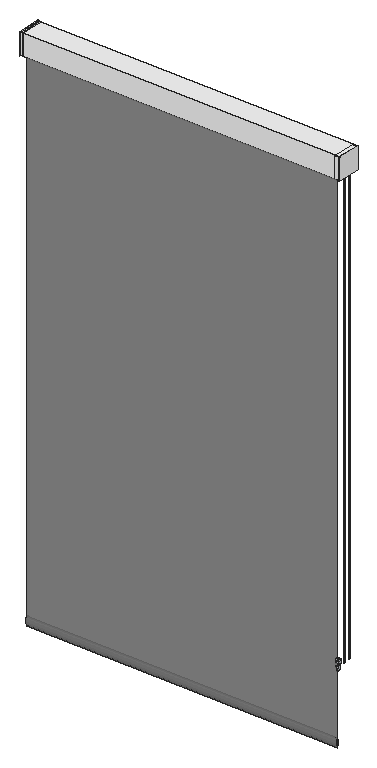
Revit family "WindowShade_RolleaseAcmeda_ContractSeries1_4inFascia_R20", category Specialty Equipment, host Wall, Revit 2020
Family settings
  Host = Wall
  Round Connector Dimension = Use Diameter
  Part Type = Normal
  Always vertical = Yes
  Cut with Voids When Loaded = No
  Shared = No
  Room Calculation Point = No
Parameters (values of type "5'W x 8'Drop - Manual Left - White")
  Weight Bar = RA - FINISH - WHITE
  URL = "https://www.rolleaseacmedacontract.com/resources/"
  Shade Width Calc = if(Input Bracket Width < 1' 6", 1' 6", if(Input Bracket Width > 10' 0", 10' 0", Input Bracket Width))  # 5' - 0"
  Model = "RA - Contract Series"
  Manufacturer = "Rollease Acmeda"
  Input Bracket Width = 5' - 0"
  Shade Fabric = RA - FABRIC - AMBIENT REVIEW
  Shade Drop Calc = if(Input Shade Drop < 0' 0", 1' 0" / 12, if(Input Shade Drop > 12' 0", 12' 0", Input Shade Drop))  # 8' - 0"
  Input Shade Drop = 8' - 0"
  Description = "RAC Series 1 - 4\" Fascia System"
  Contact Email = "contract@rolleaseacmeda.com"
  Drive Motorized Calc = and(not([Drive Manual LH (Select One)]), not([Drive Manual RH (Select One)]))  # no
  Drive Manual Right Calc = and(not([Drive Manual LH (Select One)]), not([Drive Motorized (Select One)]))  # no
  Drive Manual Left Calc = and(not([Drive Manual RH (Select One)]), not([Drive Motorized (Select One)]))  # yes
  Drive Manual RH (Select One) = no
  Drive Manual LH (Select One) = yes
  Header Finish = RA - FINISH - WHITE
  Drive Motorized (Select One) = no
  Default Elevation = 10' - 0"
  Contact Phone = "1-800-552-5100"
  Chain Length = Shade Drop Calc * 0.85  # 6' - 9.6"
  Drop Bar Silent Weight = no
  Drop Bar Internal Hem = not(Drop Bar Silent Weight)  # yes
Types (3): name | Drive Motorized Calc | Drive Manual Right Calc | Drive Manual Left Calc | Drive Manual RH (Select One) | Drive Manual LH (Select One) | Drive Motorized (Select One)
  5'W x 8'Drop - Manual Left - White | no | no | yes | no | yes | no
  5'W x 8'Drop - Manual Right - White | no | yes | no | yes | no | no
  5'W x 8'Drop - Motorized - White | yes | no | no | no | no | yes
Reference planes (in)
  plane 1: y = 0
  plane 2 "Center (Left/Right)": x = 0
  plane 3 "Back": y = 3
  plane 4 "B.O. Header": z = 51.22662
  plane 5 "B.O. Shade": z = -44.77338
  plane 6 "HEADER L": x = 30
  plane 7 "HEADER R": x = -30
  plane 8: x = 29.19
  plane 9: x = -29.19
Forms (in)
  Extrusion 1, solid, material "RA - FABRIC - AMBIENT REVIEW" <- "Shade Fabric"
    sketch origin (0, 3, -30) x (1, 0, 0) y (0, 0, 1)
      loop
        line (29.19, 81.22662) -> (-29.19, 81.22662) -> (-29.19, -14.77338) -> (29.19, -14.77338) -> (29.19, 81.22662)
    from -0.5 to -0.625
  Sweep 2, solid, material "RA - FABRIC - AMBIENT REVIEW" <- "Shade Fabric", visible <- "Drop Bar Internal Hem", detail levels fine
    path in 3D
      loop
        line (29.19, 3.625, -44.77338) -> (-29.19, 3.625, -44.77338)
    profile "PROFILE - SEALED HEM : PROFILE - SEALED HEM" origin (0, 3.625, -44.77338) x (0, 1, 0) y (0, 0, -1)
      loop
        arc (-0.04652, -0.00918) -> (-0.21009, -0.8709) -> (-0.06158, -1.73535) r 2.46494
        line (-0.06158, -1.73535) -> (0.0003, -1.73535)
        arc (0.0003, -1.73535) -> (0.14882, -0.8709) -> (-0.01476, -0.00918) r 2.46494
        arc (-0.01476, -0.00918) -> (-0.03064, 0.00091) -> (-0.04652, -0.00918) r 0.01753
  Sweep 3, solid, material "RA - FINISH - WHITE" <- "Weight Bar", visible <- "Drop Bar Silent Weight", detail levels fine
    path in 3D
      loop
        line (29.19, 3.625, -44.77338) -> (-29.19, 3.625, -44.77338)
    profile "PROFILE - WEIGHTED DROP : PROFILE - WEIGHTED DROP" origin (0, 3.625, -44.77338) x (0, 1, 0) y (0, 0, -1)
      loop
        arc (0.17315, -1.26562) -> (0.2326, -0.91458) -> (0.23882, -0.55859) r 2.37109
        line (0.23882, -0.55859) -> (0.19081, -0.55859) -> (0.19081, -0.49609) -> (0.23438, -0.49609)
        arc (0.23438, -0.49609) -> (0.21114, -0.30933) -> (0.17315, -0.125) r 2.37109
        line (0.17315, -0.125) -> (0.0158, -0.125) -> (0.0158, 0) -> (-0.07014, 0) -> (-0.07014, -0.125) -> (-0.34638, -0.125) -> (-0.34638, -1.26562) -> (0.17315, -1.26562)
Lines and regions (in)
  sketch lines
    curve 1: line (29.19, 3.625, -44.77338) -> (-29.19, 3.625, -44.77338)
    curve 2: line (29.19, 3.625, -44.77338) -> (-29.19, 3.625, -44.77338)
Text (in)
  text "Placement Side" at (0, 40.15149, 123.01588), in view "Right"
  text "Placement Side" at (-58.6842, 42.74981, 0), in view "Ref. Level"
  text "Placement Side" at (0, 47.49176, 140.59947), in view "Left"
Dimensions and locks (in)
  locked: plane 3 "Back" to host wall
  "Shade Drop Calc": plane 5 "B.O. Shade" to plane 4 "B.O. Header"
  "Shade Drop Calc": Extrusion 1 sketch curve to Extrusion 1 sketch curve
  locked: nested 5 to plane 9 at 0.375
  "Chain Length": nested 5 to plane 4 "B.O. Header"
  locked: nested 9 to plane 8 at 0.375
  "Chain Length": nested 9 to plane 4 "B.O. Header"
  equal spacing: plane 6 "HEADER L", plane 2 "Center (Left/Right)", plane 7 "HEADER R"
  "Shade Width Calc": plane 6 "HEADER L" to plane 7 "HEADER R"
  locked: plane 6 "HEADER L" to plane 8 at 0.81
  locked: plane 9 to plane 7 "HEADER R" at 0.81
  aligned and locked: nested 1 to plane 4 "B.O. Header"
  aligned and locked: plane 6 "HEADER L" to nested 3
  aligned and locked: plane 6 "HEADER L" to nested 11
  aligned and locked: nested 7 to plane 6 "HEADER L"
  aligned and locked: plane 7 "HEADER R" to nested 6
  aligned and locked: nested 10 to plane 7 "HEADER R"
  aligned and locked: nested 2 to plane 7 "HEADER R"
  aligned and locked: Extrusion 1 sketch curve to plane 8
  aligned and locked: plane 9 to Extrusion 1 sketch curve
Automatic sketch dimensions
  Extrusion 1 sketch curve to plane 5 "B.O. Shade" = 0' - 0"
Nested families (in)
  nested 1: "2.0GeneralHeader" at (0, 3, 52.26076) x (-1, 0, 0) z (0, 1, 0), type "2.0GeneralHeader"
    with Header Height 0' - 3 15/16", Header Depth 0' - 4 3/16"
  nested 2: "2.0HeaderCapChain" at (-30, 3, 53.41905) x (-1, 0, 0) z (0, 1, 0), visible <- "Drive Manual Right Calc", type "2.0HeaderCapChain"
    with Header Height 0' - 3 15/16", Header Depth 0' - 4 3/16"
  nested 3: "2.0HeaderCap" at (30, 3, 52.9717) x (1, 0, 0) z (0, 1, 0), visible <- "Drive Manual Right Calc", type "2.0HeaderCap"
    with Header Height 0' - 3 15/16", Header Depth 0' - 4 3/16"
  nested 4: "PULL CHAIN2" at (-29.5314, 4.22843, 51.22662) x (-1, 0, 0) z (0, 0, -1), visible <- "Drive Manual Right Calc", type "PULL CHAIN2", detail levels fine
    with CHAIN LENGTH 6' - 9.6"
  nested 5: "CHAIN HOLDER" at (-29.565, 3, -30.37338) x (1, 0, 0) z (0, 1, 0), visible <- "Drive Manual Right Calc", type "CHAIN HOLDER", detail levels fine
  nested 6: "2.0HeaderCap" at (-30, 3, 52.9717) x (-1, 0, 0) z (0, 1, 0), visible <- "Drive Manual Left Calc", type "2.0HeaderCap"
    with Header Height 0' - 3 15/16", Header Depth 0' - 4 3/16"
  nested 7: "2.0HeaderCapChain" at (30, 3, 53.41905) x (1, 0, 0) z (0, 1, 0), visible <- "Drive Manual Left Calc", type "2.0HeaderCapChain"
    with Header Height 0' - 3 15/16", Header Depth 0' - 4 3/16"
  nested 8: "PULL CHAIN2" at (29.8814, 4.22843, 51.22662) x (1, 0, 0) z (0, 0, -1), visible <- "Drive Manual Left Calc", type "PULL CHAIN2", detail levels fine
    with CHAIN LENGTH 6' - 9.6"
  nested 9: "CHAIN HOLDER" at (29.565, 3, -30.37338) x (1, 0, 0) z (0, 1, 0), visible <- "Drive Manual Left Calc", type "CHAIN HOLDER", detail levels fine
  nested 10: "2.0HeaderCapChain" at (-30, 3, 53.41905) x (-1, 0, 0) z (0, 1, 0), visible <- "Drive Motorized Calc", type "2.0HeaderCapChain"
    with Header Height 0' - 3 15/16", Header Depth 0' - 4 3/16"
  nested 11: "2.0HeaderCap" at (30, 3, 52.9717) x (1, 0, 0) z (0, 1, 0), visible <- "Drive Motorized Calc", type "2.0HeaderCap"
    with Header Height 0' - 3 15/16", Header Depth 0' - 4 3/16"
Definition of nested family "2.0GeneralHeader"
  Parameters (values of type "2.0GeneralHeader")
    Header Width = 5' - 0"
    Header Height = 0' - 3 59/128"
    Header Finish = none
    Header Depth = 0' - 3 37/128"
    Default Elevation = 4' - 0"
  Reference planes (in)
    plane 1 "Center (Front/Back)": y = 0
    plane 2: z = 0
    plane 3 "Center (Left/Right)": x = 0
    plane 4: x = -30
    plane 5: x = 30
    plane 6: y = 2.90336
    plane 7: y = -0.55757
    plane 8: z = 3.28906
  Forms (in)
    Extrusion 1, solid, material <- "Header Finish"
      sketch origin (0, 0, 0) x (1, 0, 0) y (0, 1, 0)
        loop
          line (-30, -0.55757) -> (30, -0.55757) -> (30, 2.90336) -> (-30, 2.90336) -> (-30, -0.55757)
      from 0 to 3.28906
  Lines and regions (in)
    Masking region 1
      outline origin (0, 0, 0) x (1, 0, 0) y (0, 1, 0)
        loop
          line (-30, 2.90336) -> (-30, -0.55757) -> (30, -0.55757) -> (30, 2.90336) -> (-30, 2.90336)
  Dimensions and locks (in)
    "Header Width": plane 4 to plane 5
    "Header Height": plane 7 to plane 6
    "Header Depth": plane 8 to plane 2
    equal spacing: plane 4, plane 3 "Center (Left/Right)", plane 5
    aligned and locked: plane 2 to level
    aligned and locked: plane 4 to Extrusion 1
    aligned and locked: Extrusion 1 to plane 5
    aligned and locked: Extrusion 1 to plane 6
    aligned and locked: Extrusion 1 to plane 7
    aligned and locked: plane 8 to Extrusion 1
    aligned and locked: plane 4 to Masking region 1
    aligned and locked: Masking region 1 to plane 7
    aligned and locked: Masking region 1 to plane 6
    aligned and locked: Masking region 1 to plane 5
  Automatic sketch dimensions
    Extrusion 1 sketch curve to plane 4 = 0' - 0"
    plane 5 to Extrusion 1 sketch curve = 0' - 0"
    Extrusion 1 sketch curve to plane 7 = 0' - 0"
    plane 6 to Extrusion 1 sketch curve = 0' - 0"
    Masking region 1 sketch curve to plane 4 = 0' - 0"
    plane 5 to Masking region 1 sketch curve = 0' - 0"
    Masking region 1 sketch curve to plane 7 = 0' - 0"
    plane 6 to Masking region 1 sketch curve = 0' - 0"
Definition of nested family "2.0HeaderCapChain"
  Parameters (values of type "2.0HeaderCapChain")
    Header Height = 0' - 3 59/128"
    Header Finish = none
    Header Depth = 0' - 3 37/128"
    End Cap Depth = 0' - 0 1/16"
    Default Elevation = 4' - 0"
  Reference planes (in)
    plane 1 "Center (Front/Back)": y = 0
    plane 2: z = 0
    plane 3 "Center (Left/Right)": x = 0
    plane 4: x = -0.81
    plane 5: y = 1.74507
    plane 6: y = -1.71586
    plane 7: z = 3.28906
    plane 8: y = 1.80757
    plane 9: z = 3.35156
    plane 10: y = -1.77836
  Forms (in)
    Extrusion 1, solid, material <- "Header Finish"
      sketch origin (0, 0, 0) x (1, 0, 0) y (0, 1, 0)
        loop
          line (-0.81, -1.71586) -> (0, -1.71586) -> (0, 1.74507) -> (-0.81, 1.74507) -> (-0.81, -1.71586)
      from 0 to 3.28906
    Extrusion 2, solid, material <- "Header Finish"
      sketch origin (0, 0, 0) x (0, 1, 0) y (0, 0, 1)
        loop
          line (1.80757, 3.35156) -> (-1.77836, 3.35156) -> (-1.77836, 0) -> (1.80757, 0) -> (1.80757, 3.35156)
      from -0.0625 to 0
  Lines and regions (in)
    Masking region 1
      outline origin (0, 0, 0) x (1, 0, 0) y (0, 1, 0)
        loop
          line (-0.81, 1.74507) -> (-0.81, -1.71586) -> (0, -1.71586) -> (0, 1.74507) -> (-0.81, 1.74507)
  Dimensions and locks (in)
    "Header Height": plane 6 to plane 5
    "Header Depth": plane 7 to plane 2
    locked: plane 4 to plane 3 "Center (Left/Right)" at 0.81
    "End Cap Depth": plane 9 to plane 7
    "End Cap Depth": plane 6 to plane 10
    "End Cap Depth": plane 8 to plane 5
    aligned and locked: plane 2 to level
    aligned and locked: plane 4 to Extrusion 1
    aligned and locked: Extrusion 1 to plane 5
    aligned and locked: plane 6 to Extrusion 1
    aligned and locked: plane 7 to Extrusion 1
    aligned and locked: plane 4 to Masking region 1
    aligned and locked: plane 6 to Masking region 1
    aligned and locked: Masking region 1 to plane 5
    aligned and locked: plane 3 "Center (Left/Right)" to Extrusion 1
    aligned and locked: Extrusion 2 sketch curve to Extrusion 1
    aligned and locked: Extrusion 2 sketch curve to plane 10
    aligned and locked: Extrusion 2 sketch curve to plane 9
    aligned and locked: plane 8 to Extrusion 2 sketch curve
    aligned and locked: plane 3 "Center (Left/Right)" to Masking region 1
  Automatic sketch dimensions
    Extrusion 1 sketch curve to plane 4 = 0' - 0"
    Extrusion 1 sketch curve to plane 6 = 0' - 0"
    plane 5 to Extrusion 1 sketch curve = 0' - 0"
    Masking region 1 sketch curve to plane 4 = 0' - 0"
    Masking region 1 sketch curve to plane 6 = 0' - 0"
    plane 5 to Masking region 1 sketch curve = 0' - 0"
    plane 3 "Center (Left/Right)" to Extrusion 1 sketch curve = 0' - 0"
    Masking region 1 sketch curve to plane 3 "Center (Left/Right)" = 0' - 0"
Definition of nested family "2.0HeaderCap"
  Parameters (values of type "2.0HeaderCap")
    Header Height = 0' - 3 59/128"
    Header Finish = none
    Header Depth = 0' - 3 37/128"
    End Cap Depth = 0' - 0 1/16"
    Default Elevation = 4' - 0"
  Reference planes (in)
    plane 1 "Center (Front/Back)": y = 0
    plane 2: z = 0
    plane 3 "Center (Left/Right)": x = 0
    plane 4: x = -0.46
    plane 5: y = 1.74507
    plane 6: y = -1.71586
    plane 7: z = 3.28906
    plane 8: y = 1.80757
    plane 9: z = 3.35156
    plane 10: y = -1.77836
  Forms (in)
    Extrusion 1, solid, material <- "Header Finish"
      sketch origin (0, 0, 0) x (1, 0, 0) y (0, 1, 0)
        loop
          line (-0.46, -1.71586) -> (0, -1.71586) -> (0, 1.74507) -> (-0.46, 1.74507) -> (-0.46, -1.71586)
      from 0 to 3.28906
    Extrusion 2, solid, material <- "Header Finish"
      sketch origin (0, 0, 0) x (0, 1, 0) y (0, 0, 1)
        loop
          line (1.80757, 3.35156) -> (-1.77836, 3.35156) -> (-1.77836, 0) -> (1.80757, 0) -> (1.80757, 3.35156)
      from -0.0625 to 0
  Lines and regions (in)
    Masking region 1
      outline origin (0, 0, 0) x (1, 0, 0) y (0, 1, 0)
        loop
          line (-0.46, 1.74507) -> (-0.46, -1.71586) -> (0, -1.71586) -> (0, 1.74507) -> (-0.46, 1.74507)
  Dimensions and locks (in)
    "Header Height": plane 6 to plane 5
    "Header Depth": plane 7 to plane 2
    locked: plane 4 to plane 3 "Center (Left/Right)" at 0.46
    "End Cap Depth": plane 9 to plane 7
    "End Cap Depth": plane 6 to plane 10
    "End Cap Depth": plane 8 to plane 5
    aligned and locked: plane 2 to level
    aligned and locked: plane 4 to Extrusion 1
    aligned and locked: Extrusion 1 to plane 5
    aligned and locked: plane 6 to Extrusion 1
    aligned and locked: plane 7 to Extrusion 1
    aligned and locked: plane 4 to Masking region 1
    aligned and locked: plane 6 to Masking region 1
    aligned and locked: Masking region 1 to plane 5
    aligned and locked: plane 3 "Center (Left/Right)" to Extrusion 1
    aligned and locked: Extrusion 2 sketch curve to Extrusion 1
    aligned and locked: Extrusion 2 sketch curve to plane 10
    aligned and locked: Extrusion 2 sketch curve to plane 9
    aligned and locked: plane 8 to Extrusion 2 sketch curve
    aligned and locked: plane 3 "Center (Left/Right)" to Masking region 1
  Automatic sketch dimensions
    Extrusion 1 sketch curve to plane 4 = 0' - 0"
    Extrusion 1 sketch curve to plane 6 = 0' - 0"
    plane 5 to Extrusion 1 sketch curve = 0' - 0"
    Masking region 1 sketch curve to plane 4 = 0' - 0"
    Masking region 1 sketch curve to plane 6 = 0' - 0"
    plane 5 to Masking region 1 sketch curve = 0' - 0"
    plane 3 "Center (Left/Right)" to Extrusion 1 sketch curve = 0' - 0"
    Masking region 1 sketch curve to plane 3 "Center (Left/Right)" = 0' - 0"
Definition of nested family "PULL CHAIN2"
  Parameters (values of type "PULL CHAIN2")
    MANUAL DRIVE CHAIN = yes
    Default Elevation = 4' - 0"
    CHAIN LENGTH = 4' - 0"
  Reference planes (in)
    plane 1 "Center (Front/Back)": y = 0
    plane 2 "bottom": z = 0
    plane 3 "Center (Left/Right)": x = 0
    plane 4 "top": z = 48
  Forms (in)
    Extrusion 1, solid
      sketch origin (0, 0, 0) x (1, 0, 0) y (0, 1, 0)
        loop
          circle (0, 0) r 0.0625
        loop
          circle (0, 1.25) r 0.0625
      from 0 to 48
  Dimensions and locks (in)
    plane 4 "top" to plane 2 "bottom" = 4' - 0"
    "CHAIN LENGTH": plane 4 "top" to plane 2 "bottom"
    aligned and locked: plane 2 "bottom" to level
    aligned and locked: plane 4 "top" to Extrusion 1
    aligned and locked: Extrusion 1 to plane 2 "bottom"
  Automatic sketch dimensions
    Extrusion 1 sketch curve to plane 3 "Center (Left/Right)" = 0' - 0"  (x2)
    plane 1 "Center (Front/Back)" to Extrusion 1 sketch curve = 0' - 0"
    Extrusion 1 sketch curve to Extrusion 1 sketch curve = 0' - 1 1/4"
    radius of Extrusion 1 sketch curve = 0' - 0 1/16"  (x2)
Definition of nested family "CHAIN HOLDER"
  Parameters (values of type "CHAIN HOLDER")
    Default Elevation = 4' - 0"
  Reference planes (in)
    plane 1 "Center (Front/Back)": y = 0
    plane 2: z = 0
    plane 3 "Center (Left/Right)": x = 0
  Forms (in)
    Extrusion 1, solid
      sketch origin (0, -0.90475, 0) x (1, 0, 0) y (0, 1, 0)
        loop
          line (-0.15144, 0) -> (0.15144, 0)
          arc (0.15144, 0) -> (0.30013, 0.06647) -> (0.34975, 0.2216) r 0.19953
          line (0.34975, 0.2216) -> (0.16523, 1.87945)
          arc (0.16523, 1.87945) -> (0.12687, 1.95389) -> (0.04865, 1.98378) r 0.1173
          line (0.04865, 1.98378) -> (-0.04865, 1.98378)
          arc (-0.04865, 1.98378) -> (-0.12687, 1.95389) -> (-0.16523, 1.87945) r 0.1173
          line (-0.16523, 1.87945) -> (-0.34975, 0.2216)
          arc (-0.34975, 0.2216) -> (-0.30013, 0.06647) -> (-0.15144, 0) r 0.19953
        loop
          circle (0, 0.2615) r 0.125
        loop
          circle (0, 1.66775) r 0.125
      from 0 to 0.5
    Extrusion 2, void
      sketch origin (0, -0.90475, 0) x (1, 0, 0) y (0, 1, 0)
        loop
          line (-0.3577, 1.23378) -> (-0.3577, 0.65475) -> (0.3436, 0.65475) -> (0.3436, 1.23378) -> (-0.3577, 1.23378)
      from 0 to 0.375
  Cuts and joins
    Extrusion 2 cuts Extrusion 1
  Dimensions and locks (in)
    aligned and locked: plane 2 to level
